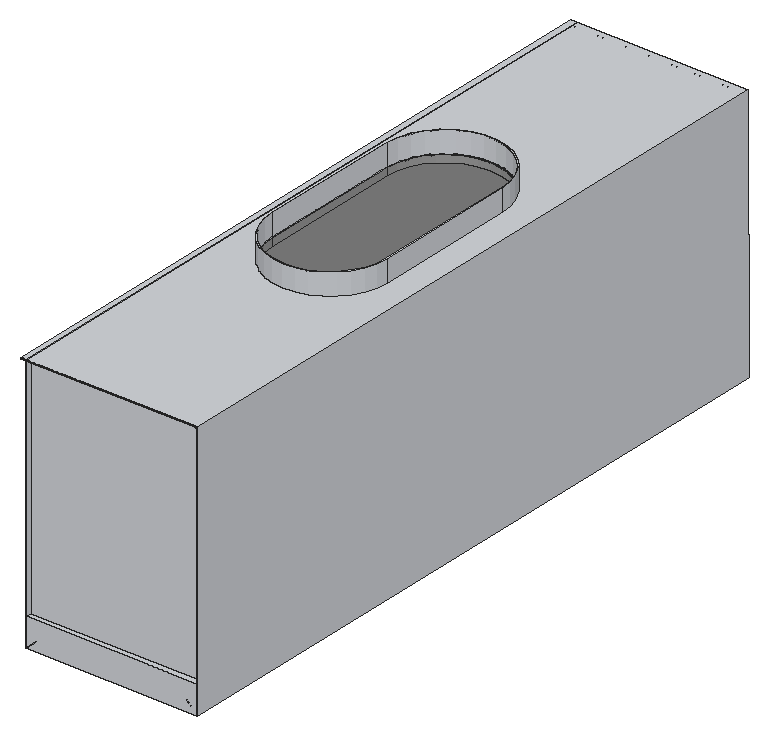
Revit family "Plenum (P-N, P-L) (Arrangement B) (Oval Inlet)", category Mechanical Equipment, Revit 2015
Parameters
  Width = 1' - 0"
  URL = "https://unitedenertech.com/catalog/pdf/I_2%20Model%20P-N,%20P-L,%20P-EX,%20P-N-SL,%20P-L-SL,%20P-EX-SL.pdf"
  Type Comments = "Consult Factory for Max. Sizes"
  P-L (Insulation Option) = yes
  Model = "P-N / P-L (Arrangement B) (Oval Inlet)"
  Manufacturer = "United Enertech Corporation"
  Major Axis = 1' - 6"
  Length = 4' - 0"
  Keynote = "Model Shown without Damper Option. Consult Factory for Models with Dampers."
  Minor Axis = 0' - 8"
  Hem Option = yes
  Height = 1' - 6"
  Description = "Plenum for Diffusers"
  Center-Center [instance] = Major Axis - Minor Axis  # 0' - 10"
Reference planes (in)
  plane 1 "Center (Front/Back)": y = 0
  plane 2: z = 0
  plane 3 "Center (Left/Right)": x = 0
  plane 4: x = 12
  plane 5: x = 0.035
  plane 6: x = 11.965
  plane 7: z = 18
  plane 8: z = 17.965
  plane 9: z = 17.93
  plane 10: z = 2
  plane 11: y = 24
  plane 12: y = -24
  plane 13: y = 5
  plane 14: y = -5
  plane 15: y = -23.965
  plane 16: y = 23.965
  plane 17: x = -0.375
  plane 18: y = 23.59
  plane 19: y = 23.55484
  plane 20: y = -23.59
  plane 21: y = -23.55484
  plane 22: z = 1.96484
  plane 23: x = 0.07016
  plane 24: x = 11.92984
  plane 25: y = 23.05484
  plane 26: x = 0.57016
  plane 27: x = 11.42984
  plane 28: y = -23.05484
  plane 29: z = 17.43
  plane 30: y = 9
  plane 31: y = -9
  plane 32: y = -9.03516
  plane 33: y = 9.03516
  plane 34: x = 6
  plane 35: x = 2
  plane 36: x = 10
  plane 37: x = 1.96484
  plane 38: x = 10.03516
  plane 39: z = 19.5
Forms (in)
  Extrusion 1, solid
    sketch origin (0, 0, 0) x (1, 0, 0) y (0, 0, 1)
      loop
        line (-0.375, 18) -> (-0.375, 17.965) -> (11.965, 17.965) -> (11.965, 0) -> (12, 0) -> (12, 18) -> (-0.375, 18)
    from -23.965 to 23.965
  Extrusion 2, solid
    sketch origin (0, 0, 0) x (1, 0, 0) y (0, 0, 1)
      loop
        line (-0.375, 17.965) -> (-0.375, 17.93) -> (0, 17.93) -> (0, 0) -> (0.035, 0) -> (0.035, 17.965) -> (-0.375, 17.965)
    from -23.965 to 23.965
  Extrusion 3, solid
    sketch origin (0, 0, 0) x (0, 1, 0) y (0, 0, 1)
      loop
        line (23.965, 17.965) -> (23.55484, 17.965) -> (23.55484, 1.96484) -> (23.965, 1.96484) -> (23.965, 0) -> (24, 0) -> (24, 2) -> (23.59, 2) -> (23.59, 17.93) -> (23.965, 17.93) -> (23.965, 17.965)
    from 0.035 to 11.965
  Extrusion 4, solid
    sketch origin (0, 0, 0) x (0, 1, 0) y (0, 0, 1)
      loop
        line (-23.965, 17.965) -> (-23.965, 17.93) -> (-23.59, 17.93) -> (-23.59, 2) -> (-24, 2) -> (-24, 0) -> (-23.965, 0) -> (-23.965, 1.96484) -> (-23.55484, 1.96484) -> (-23.55484, 17.965) -> (-23.965, 17.965)
    from 0.035 to 11.965
  Extrusion 5, solid
    sketch origin (0, 0, 0) x (1, 0, 0) y (0, 0, 1)
      loop
        line (0.035, 2) -> (0.07016, 2) -> (0.07016, 17.93) -> (0.035, 17.93) -> (0.035, 2)
    from 23.59 to 23.965
  Extrusion 6, solid
    sketch origin (0, 0, 0) x (1, 0, 0) y (0, 0, 1)
      loop
        line (0.035, 2) -> (0.07016, 2) -> (0.07016, 17.93) -> (0.035, 17.93) -> (0.035, 2)
    from -23.965 to -23.59
  Extrusion 7, solid
    sketch origin (0, 0, 0) x (1, 0, 0) y (0, 0, 1)
      loop
        line (11.92984, 2) -> (11.965, 2) -> (11.965, 17.93) -> (11.92984, 17.93) -> (11.92984, 2)
    from 23.59 to 23.965
  Extrusion 8, solid
    sketch origin (0, 0, 0) x (1, 0, 0) y (0, 0, 1)
      loop
        line (11.92984, 2) -> (11.965, 2) -> (11.965, 17.93) -> (11.92984, 17.93) -> (11.92984, 2)
    from -23.965 to -23.59
  Extrusion 9, solid, material "Rigid insulation", visible <- "P-L (Insulation Option)"
    sketch origin (0, 0, 0) x (1, 0, 0) y (0, 0, 1)
      loop
        line (0.07016, 17.43) -> (11.92984, 17.43) -> (11.92984, 17.93) -> (0.07016, 17.93) -> (0.07016, 17.43)
    from -23.55484 to 23.55484
  Extrusion 10, solid, material "Rigid insulation", visible <- "P-L (Insulation Option)"
    sketch origin (0, 0, 0) x (1, 0, 0) y (0, 1, 0)
      loop
        line (0.57016, -23.05484) -> (11.42984, -23.05484) -> (11.42984, 23.05484) -> (0.57016, 23.05484) -> (0.57016, -23.05484)
      loop
        line (0.07016, -23.55484) -> (11.92984, -23.55484) -> (11.92984, 23.55484) -> (0.07016, 23.55484) -> (0.07016, -23.55484)
    from 2 to 17.43
  Extrusion 11, solid, visible <- "Hem Option"
    sketch origin (0, 0, 0) x (1, 0, 0) y (0, 0, 1)
      loop
        line (0.07016, 0) -> (0.77726, 0.70711) -> (0.7524, 0.73197) -> (0.07016, 0.04972) -> (0.07016, 0)
    from -23.965 to 23.965
  Extrusion 12, solid, visible <- "Hem Option"
    sketch origin (0, 0, 0) x (1, 0, 0) y (0, 0, 1)
      loop
        line (11.92984, 0) -> (11.92984, 0.04972) -> (11.2476, 0.73197) -> (11.22274, 0.70711) -> (11.92984, 0)
    from -23.965 to 23.965
  Extrusion 13, void
    sketch origin (0, 0, 0) x (1, 0, 0) y (0, 1, 0)
      loop
        arc (2, -5) -> (6, -9) -> (10, -5) r 4
        line (10, -5) -> (10, 5)
        arc (10, 5) -> (6, 9) -> (2, 5) r 4
        line (2, 5) -> (2, -5)
    from 17.43 to 19.5
  Extrusion 14, solid
    sketch origin (0, 0, 0) x (1, 0, 0) y (0, 1, 0)
      loop
        arc (10, 5) -> (6, 9) -> (2, 5) r 4
        line (2, 5) -> (2, -5)
        arc (2, -5) -> (6, -9) -> (10, -5) r 4
        line (10, -5) -> (10, 5)
      loop
        line (10.03516, -5) -> (10.03516, 5)
        arc (10.03516, 5) -> (6, 9.03516) -> (1.96484, 5) r 4.03516
        line (1.96484, 5) -> (1.96484, -5)
        arc (1.96484, -5) -> (6, -9.03516) -> (10.03516, -5) r 4.03516
    from 18 to 19.5
Cuts and joins
  Extrusion 13 cuts Extrusion 1
  Extrusion 13 cuts Extrusion 9
Dimensions and locks (in)
  locked: plane 3 "Center (Left/Right)" to plane 5 at 0.035
  locked: plane 6 to plane 4 at 0.035
  locked: plane 7 to plane 8 at 0.035
  locked: plane 8 to plane 9 at 0.035
  "Height": plane 7 to level
  locked: plane 10 to level at 2
  "Width": plane 3 "Center (Left/Right)" to plane 4
  equal spacing: plane 11, plane 1 "Center (Front/Back)", plane 12
  "Length": plane 11 to plane 12
  equal spacing: plane 13, plane 1 "Center (Front/Back)", plane 14
  locked: plane 15 to plane 12 at 0.035
  locked: plane 16 to plane 11 at 0.035
  locked: plane 3 "Center (Left/Right)" to plane 17 at 0.375
  locked: plane 16 to plane 18 at 0.375
  locked: plane 18 to plane 19 at 0.03516
  locked: plane 20 to plane 15 at 0.375
  locked: plane 21 to plane 20 at 0.03516
  locked: plane 10 to plane 22 at 0.03516
  locked: plane 23 to plane 5 at 0.03516
  locked: plane 24 to plane 6 at 0.03516
  locked: plane 19 to plane 25 at 0.5
  locked: plane 23 to plane 26 at 0.5
  locked: plane 27 to plane 24 at 0.5
  locked: plane 28 to plane 21 at 0.5
  locked: plane 9 to plane 29 at 0.5
  locked: Extrusion 11 sketch curve to Extrusion 11 sketch curve at 1
  locked: Extrusion 12 sketch curve to Extrusion 12 sketch curve at 1
  "Center-Center": plane 13 to plane 14
  equal spacing: plane 30, plane 1 "Center (Front/Back)", plane 31
  "Major Axis": plane 30 to plane 31
  locked: plane 31 to plane 32 at 0.03516
  locked: plane 33 to plane 30 at 0.03516
  equal spacing: plane 3 "Center (Left/Right)", plane 34, plane 4
  equal spacing: plane 35, plane 34, plane 36
  "Minor Axis": plane 35 to plane 36
  locked: plane 37 to plane 35 at 0.03516
  locked: plane 36 to plane 38 at 0.03516
  locked: plane 39 to plane 7 at 1.5
  locked: level to Extrusion 11 sketch curve (angle 45.00°)
  locked: Extrusion 12 sketch curve to level (angle 45.00°)
  aligned and locked: level to plane 2
  aligned and locked: plane 17 to Extrusion 1 sketch curve
  aligned and locked: Extrusion 1 sketch curve to plane 7
  aligned and locked: plane 4 to Extrusion 1 sketch curve
  aligned and locked: level to Extrusion 1 sketch curve
  aligned and locked: Extrusion 1 sketch curve to plane 6
  aligned and locked: plane 8 to Extrusion 1 sketch curve
  aligned and locked: Extrusion 1 to plane 16
  aligned and locked: Extrusion 1 to plane 15
  aligned and locked: Extrusion 2 sketch curve to plane 8
  aligned and locked: plane 17 to Extrusion 2 sketch curve
  aligned and locked: plane 9 to Extrusion 2 sketch curve
  aligned and locked: Extrusion 2 sketch curve to plane 5
  aligned and locked: plane 3 "Center (Left/Right)" to Extrusion 2 sketch curve
  aligned and locked: level to Extrusion 2 sketch curve
  aligned and locked: Extrusion 2 to plane 15
  aligned and locked: Extrusion 2 to plane 16
  aligned and locked: Extrusion 3 sketch curve to plane 8
  aligned and locked: plane 16 to Extrusion 3 sketch curve
  aligned and locked: plane 9 to Extrusion 3 sketch curve
  aligned and locked: Extrusion 3 sketch curve to plane 11
  aligned and locked: level to Extrusion 3 sketch curve
  aligned and locked: Extrusion 3 sketch curve to plane 16
  aligned and locked: plane 22 to Extrusion 3 sketch curve
  aligned and locked: Extrusion 3 sketch curve to plane 10
  aligned and locked: plane 18 to Extrusion 3 sketch curve
  aligned and locked: Extrusion 3 sketch curve to plane 19
  aligned and locked: Extrusion 3 to plane 5
  aligned and locked: Extrusion 3 to plane 6
  aligned and locked: plane 8 to Extrusion 4 sketch curve
  aligned and locked: Extrusion 4 sketch curve to plane 15
  aligned and locked: Extrusion 4 sketch curve to plane 9
  aligned and locked: Extrusion 4 sketch curve to level
  aligned and locked: Extrusion 4 sketch curve to plane 12
  aligned and locked: plane 15 to Extrusion 4 sketch curve
  aligned and locked: Extrusion 4 sketch curve to plane 22
  aligned and locked: plane 10 to Extrusion 4 sketch curve
  aligned and locked: Extrusion 4 sketch curve to plane 20
  aligned and locked: Extrusion 4 sketch curve to plane 21
  aligned and locked: Extrusion 4 to plane 5
  aligned and locked: Extrusion 4 to plane 6
  aligned and locked: plane 9 to Extrusion 5 sketch curve
  aligned and locked: Extrusion 5 sketch curve to plane 5
  aligned and locked: plane 23 to Extrusion 5 sketch curve
  aligned and locked: Extrusion 5 sketch curve to plane 10
  aligned and locked: Extrusion 6 to plane 16
  aligned and locked: plane 18 to Extrusion 6
  aligned and locked: Extrusion 5 to plane 20
  aligned and locked: Extrusion 5 to plane 15
  aligned and locked: Extrusion 7 sketch curve to plane 10
  aligned and locked: Extrusion 7 sketch curve to plane 6
  aligned and locked: Extrusion 7 sketch curve to plane 24
  aligned and locked: plane 9 to Extrusion 7 sketch curve
  aligned and locked: Extrusion 8 to plane 16
  aligned and locked: plane 18 to Extrusion 8
  aligned and locked: Extrusion 7 to plane 15
  aligned and locked: Extrusion 7 to plane 20
  aligned and locked: plane 9 to Extrusion 9 sketch curve
  aligned and locked: plane 24 to Extrusion 9 sketch curve
  aligned and locked: Extrusion 9 sketch curve to plane 23
  aligned and locked: Extrusion 9 sketch curve to plane 29
  aligned and locked: Extrusion 9 to plane 21
  aligned and locked: Extrusion 9 to plane 19
  aligned and locked: Extrusion 10 sketch curve to plane 23
  aligned and locked: Extrusion 10 sketch curve to plane 19
  aligned and locked: plane 24 to Extrusion 10 sketch curve
  aligned and locked: Extrusion 10 sketch curve to plane 21
  aligned and locked: Extrusion 10 sketch curve to plane 28
  aligned and locked: Extrusion 10 sketch curve to plane 26
  aligned and locked: plane 27 to Extrusion 10 sketch curve
  aligned and locked: plane 25 to Extrusion 10 sketch curve
  aligned and locked: Extrusion 10 to plane 10
  aligned and locked: plane 29 to Extrusion 10
  aligned and locked: plane 23 to Extrusion 11 sketch curve
  aligned and locked: level to Extrusion 11 sketch curve
  aligned and locked: Extrusion 11 to plane 15
  aligned and locked: Extrusion 11 to plane 16
  aligned and locked: plane 24 to Extrusion 12 sketch curve
  aligned and locked: level to Extrusion 12 sketch curve
  aligned and locked: Extrusion 12 to plane 16
  aligned and locked: Extrusion 12 to plane 15
  aligned and locked: Extrusion 13 sketch curve to plane 35
  aligned and locked: plane 14 to Extrusion 13 sketch curve  (x2)
  aligned and locked: plane 13 to Extrusion 13 sketch curve  (x2)
  aligned and locked: plane 36 to Extrusion 13 sketch curve
  aligned and locked: plane 39 to Extrusion 13
  aligned and locked: Extrusion 13 to plane 29
  aligned and locked: Extrusion 14 sketch curve to plane 35
  aligned and locked: plane 13 to Extrusion 14 sketch curve  (x4)
  aligned and locked: plane 14 to Extrusion 14 sketch curve  (x4)
  aligned and locked: plane 36 to Extrusion 14 sketch curve
  aligned and locked: plane 37 to Extrusion 14 sketch curve
  aligned and locked: Extrusion 14 sketch curve to plane 38
  aligned and locked: plane 39 to Extrusion 14
  aligned and locked: Extrusion 14 to plane 7
Automatic sketch dimensions
  Extrusion 6 sketch curve to plane 5 = 0' - 0"
  Extrusion 6 sketch curve to plane 9 = 0' - 0"
  Extrusion 6 sketch curve to plane 23 = 0' - 0"
  Extrusion 6 sketch curve to plane 10 = 0' - 0"
  Extrusion 8 sketch curve to plane 9 = 0' - 0"
  Extrusion 8 sketch curve to plane 24 = 0' - 0"
  plane 6 to Extrusion 8 sketch curve = 0' - 0"
  Extrusion 8 sketch curve to plane 10 = 0' - 0"
  Extrusion 11 sketch curve to Extrusion 11 sketch curve = 0' - 0.02486"
  Extrusion 12 sketch curve to Extrusion 12 sketch curve = 0' - 0.02486"
